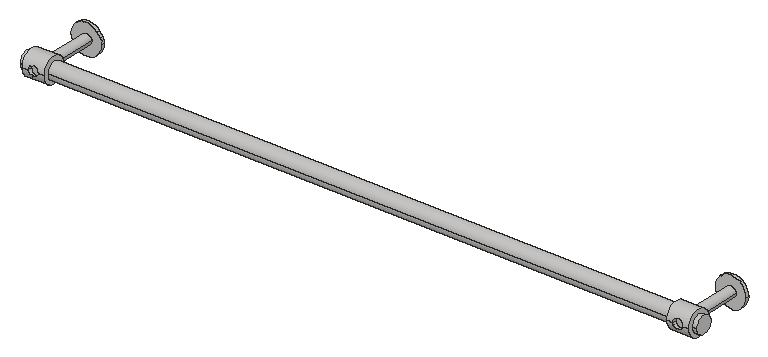
Revit family "T19", category Generic Models, Revit 2021
Family settings
  Can host rebar = No
  Round Connector Dimension = Use Diameter
  Part Type = Normal
  Work Plane-Based = No
  Always vertical = Yes
  Cut with Voids When Loaded = No
  Shared = No
  Room Calculation Point = No
Parameters (values of type "Standard")
  e-mail = "info@vola.com"
  URL = "http://vola.com"
  Telephone = "+45 7023 5500"
  Quality management standard = "ISO 9001"
  Organisation no. / DUNS no. = "17531328"
  Occupational health and safety management standard = "ISO 18001"
  Mounting Instructions = "http://vola.com/service/producturl.ashx?name=T19"
  Model = "T19"
  Materials and components information = "http://vola.com/service/producturl.ashx?name=T19"
  Manufacturer = "VOLA A/S"
  Maintenance Instructions = "http://vola.com/service/producturl.ashx?name=T19"
  Guarantee = "2 years"
  Environmental management standard = "ISO 14000"
  Default Elevation = 0.00 mm
  Connection - All relevant connections = ""
  Approvals = "http://vola.com/service/producturl.ashx?name=T19"
Reference planes
  plane 1 "Center (Front/Back)": y = 0
  plane 2: z = 0
  plane 3 "Center (Left/Right)": x = 0
Forms (mm)
  Extrusion 1, solid, material "Stainless Steel"
    sketch origin (225, 0, 0) x (1, 0, 0) y (0, 0, 1)
      loop
        circle (156, 0) r 18
    from 0 to 3
  Extrusion 2, solid, material "Stainless Steel"
    sketch origin (-225, 0, 0) x (-1, 0, 0) y (0, 0, -1)
      loop
        circle (156, 0) r 18
    from 0 to 3
  Extrusion 3, solid, material "Stainless Steel"
    sketch origin (225, -34.5, 0) x (1, 0, 0) y (0, 0, 1)
      loop
        circle (156, 0) r 6
    from -31.5 to 20
  Extrusion 4, solid, material "Stainless Steel"
    sketch origin (-225, -34.5, 0) x (-1, 0, 0) y (0, 0, -1)
      loop
        circle (156, 0) r 6
    from -31.5 to 20
  Extrusion 5, solid, material "Stainless Steel"
    sketch origin (-381, -21.5, 1219.2) x (0, 1, 0) y (0, 0, 1)
      loop
        circle (-45.5, -1219.2) r 14.5
    from -13 to 13
  Extrusion 6, solid, material "Stainless Steel"
    sketch origin (381, -21.5, 1219.2) x (0, 1, 0) y (0, 0, -1)
      loop
        circle (-45.5, 1219.2) r 14.5
    from -13 to 13
  Extrusion 7, void
    sketch origin (-225, -18.5, 0) x (-1, 0, 0) y (0, 0, 1)
      loop
        circle (156, 0) r 6
    from -64 to -58.5
  Extrusion 8, solid, material "Stainless Steel"
    sketch origin (0, -18.5, 0) x (0, 1, 0) y (0, 0, 1)
      loop
        circle (-48.5, 0) r 10
    from -400 to 400
  Extrusion 9, void
    sketch origin (225, -18.5, 0) x (1, 0, 0) y (0, 0, -1)
      loop
        circle (156, 0) r 6
    from -64 to -58.5
Cuts and joins
  Extrusion 7 cuts Extrusion 5
  Extrusion 9 cuts Extrusion 6
  joined: Extrusion 3, Extrusion 4, Extrusion 5, Extrusion 6, Extrusion 8
Dimensions and locks
  aligned and locked: plane 2 to level
